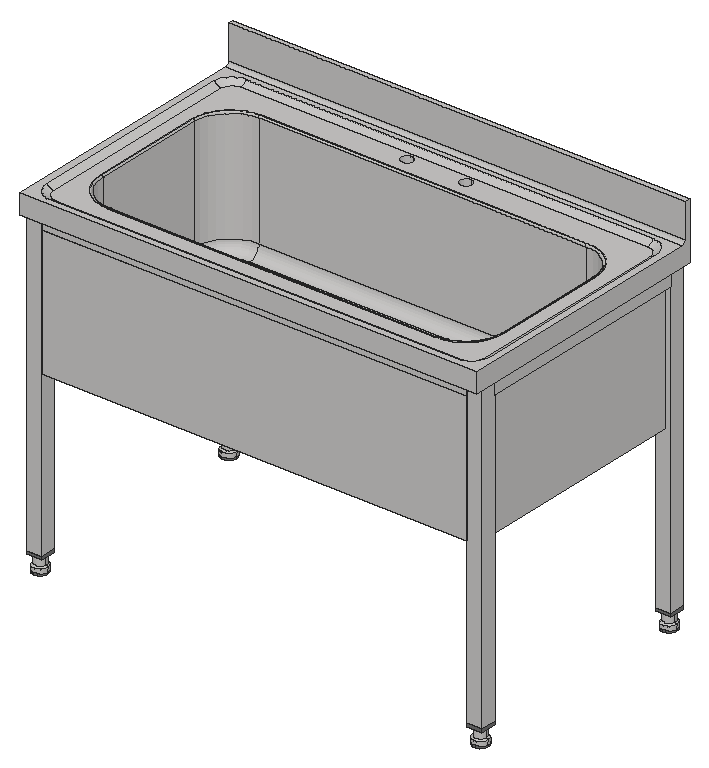
Revit family "QF_ELECTROLUXPROFESSIONAL_134073_GVLP1201SE", category Attrezzature speciali, Revit 2020
Family settings
  Quota connettore circolare = Usa diametro
  Tipo di parte = Normale
  Basato su piano di lavoro = No
  Sempre verticale = Sì
  Taglio con vuoti quando caricato = No
  Condiviso = No
  Punto di calcolo locali = No
Parameters (values of type "Standard")
  Weight = 29.00 kg
  Watts = 0 W
  Volts = 0 V
  URL Manufacturer = "https://www.electroluxprofessional.com/"
  URL = "https://www.electroluxprofessional.com/"
  Steam Supply Size = 0 mm
  Steam Supply Minimum Pressure = 0.0 Pa
  Steam Supply Maximum Pressure = 0.0 Pa
  Steam Consumption per Hour = 0
  Refrigeration Suction Line Size = 0.0 mm
  Refrigeration Liquid Line Size = 0.0 mm
  Refrigerant Compressor Remote = yes
  Prospetto di default = 0.0 mm
  Phase = 0
  Modello = "GVLP1201SE"
  Produttore = "Electrolux Professional"
  Length Actual = 1200.0 mm  # constant formula
  Item Number = "134073"
  Hot Water Size = 0 mm
  Height Actual = 1000.0 mm  # constant formula
  HP = "0 HP"
  Gas Size = 0 mm
  Gas KW = 0
  Gas Input Pressure = 0 W
  Direct Waste Size = 0 mm
  Descrizione = "SOAKING SINK UNIT 1 BOWL 1200 MM"
  Depth Actual = 700.0 mm  # constant formula
  Cycle = 0 Hz
  Condensate Return Size = 0 mm
  Compressed Air Volume = 0.0 L/s
  Compressed Air Size = 0 mm
  Compressed Air Pressure = 0.0 Pa
  Cold Water Size = 0 mm
  Accessory = yes
Reference planes
  plane 1 "Center (Front/Back)": y = 0
  plane 2: z = 0
  plane 3 "Center (Left/Right)": x = 200
  plane 4 "LEFT": x = -400
  plane 5 "RIGHT": x = 800
  plane 6 "BACK": y = 350
  plane 7 "FRONT": y = -350
  plane 8 "Base": z = 850
  plane 9 "TOP": z = 900
  plane 10 "Sink_Base": z = 558
  plane 11: z = 441
  plane 12 "PlaneGrid": z = 890
  plane 13: y = 127
  plane 14: y = 270
  plane 15: x = 122.5
  plane 16: x = 277.5
  plane 17: x = 650
Forms (mm)
  Extrusion 1, solid, material "QF_Finishes_Stainless Steel"
    sketch origin (200, 0, 0) x (0, 1, 0) y (0, 0, 1)
      loop
        line (-350, 850) -> (350, 850) -> (350, 1000) -> (337, 1000) -> (337, 910)
        arc (337, 910) -> (334.071, 902.929) -> (327, 900) r 10
        line (327, 900) -> (-350, 900) -> (-350, 850)
    from 600 to -600
  Extrusion 2, void
    sketch origin (50, -5.4, 558) x (0, -1, 0) y (1, 0, 0)
      loop
        circle (-132.4, 600) r 28
    from 32.343 to -63.145
  Revolve 3, solid, material "QF_Finishes_White"
    sketch origin (650, -5.4, 0) x (0, -1, 0) y (0, 0, 1)
      loop
        line (-148.9, 542.617) -> (-148.9, 528.5) -> (-147.4, 528.5) -> (-147.4, 543.449) -> (-158.958, 550.671) -> (-158.958, 558) -> (-160.458, 558) -> (-160.458, 549.84) -> (-148.9, 542.617)
      axis (-132.4, 558) -> (-132.4, 528.5)
    angle from 0 to 360
  Extrusion 4, void
    sketch origin (-6.5, 18.8, 558) x (0, -1, 0) y (1, 0, 0)
      loop
        circle (-251.2, 129) r 16
      loop
        circle (-251.2, 284) r 16
    from 342 to 275.381
  Extrusion 5, void
    sketch origin (-5, 0, 900) x (0, 1, 0) y (-1, 0, 0)
      loop
        arc (227.4, 225) -> (198.111, 295.711) -> (127.4, 325) r 100
        line (127.4, 325) -> (-173, 325)
        arc (-173, 325) -> (-243.711, 295.711) -> (-273, 225) r 100
        line (-273, 225) -> (-273, -635)
        arc (-273, -635) -> (-243.711, -705.711) -> (-173, -735) r 100
        line (-173, -735) -> (127.4, -735)
        arc (127.4, -735) -> (198.111, -705.711) -> (227.4, -635) r 100
        line (227.4, -635) -> (227.4, 225)
    from 0 to -50
  Extrusion 6, solid, material "QF_Finishes_Stainless Steel"
    sketch origin (-5, 0, 558) x (0, -1, 0) y (1, 0, 0)
      loop
        arc (-192.4, -225) -> (-173.362, -270.962) -> (-127.4, -290) r 65
        line (-127.4, -290) -> (173, -290)
        arc (173, -290) -> (218.962, -270.962) -> (238, -225) r 65
        line (238, -225) -> (238, 635)
        arc (238, 635) -> (218.962, 680.962) -> (173, 700) r 65
        line (173, 700) -> (-127.4, 700)
        arc (-127.4, 700) -> (-173.362, 680.962) -> (-192.4, 635) r 65
        line (-192.4, 635) -> (-192.4, -225)
    from 0 to 1.5
  Sweep 7, solid, material "QF_Finishes_Stainless Steel"
    path origin (-4.99, 0, 900) x (0, 1, 0) y (-1, 0, 0)
      loop
        line (227.4, -634.99) -> (227.4, 225.01)
        arc (227.4, 225.01) -> (198.111, 295.721) -> (127.4, 325.01) r 100
        line (127.4, 325.01) -> (-173, 325.01)
        arc (-173, 325.01) -> (-243.711, 295.721) -> (-273, 225.01) r 100
        line (-273, 225.01) -> (-273, -634.99)
        arc (-273, -634.99) -> (-243.711, -705.701) -> (-173, -734.99) r 100
        line (-173, -734.99) -> (127.4, -734.99)
        arc (127.4, -734.99) -> (198.111, -705.701) -> (227.4, -634.99) r 100
    profile origin (200, 227.4, 900) x (0, -1, 0) y (0, 0, 1)
      loop
        arc (5, -15) -> (3.536, -11.464) -> (0, -10) r 5
        line (0, -10) -> (0, -11.5)
        arc (0, -11.5) -> (2.475, -12.525) -> (3.5, -15) r 3.5
        line (3.5, -15) -> (3.5, -310.5)
        arc (3.5, -310.5) -> (12.726, -332.774) -> (35, -342) r 31.5
        line (35, -342) -> (35, -340.5)
        arc (35, -340.5) -> (13.787, -331.713) -> (5, -310.5) r 30
        line (5, -310.5) -> (5, -15)
  Blend 8, void
    base sketch origin (-4.99, 0, 900) x (0, 1, 0) y (-1, 0, 0)
      loop
        arc (312.974, 329.865) -> (298.986, 363.636) -> (265.215, 377.624) r 47.76
        line (265.215, 377.624) -> (-284.987, 377.624)
        arc (-284.987, 377.624) -> (-319.177, 363.462) -> (-333.339, 329.272) r 48.352
        line (-333.339, 329.272) -> (-333.339, -739.252)
        arc (-333.339, -739.252) -> (-319.177, -773.442) -> (-284.987, -787.604) r 48.352
        line (-284.987, -787.604) -> (265.215, -787.604)
        arc (265.215, -787.604) -> (298.986, -773.616) -> (312.974, -739.845) r 47.76
        line (312.974, -739.845) -> (312.974, 329.865)
    top sketch origin (-4.99, 0, 900) x (0, 1, 0) y (-1, 0, 0)
      loop
        arc (294.321, 330.31) -> (285.645, 351.255) -> (264.7, 359.931) r 29.621
        line (264.7, 359.931) -> (-285.3, 359.931)
        arc (-285.3, 359.931) -> (-306.245, 351.255) -> (-314.921, 330.31) r 29.621
        line (-314.921, 330.31) -> (-314.921, -740.29)
        arc (-314.921, -740.29) -> (-306.245, -761.235) -> (-285.3, -769.911) r 29.621
        line (-285.3, -769.911) -> (264.7, -769.911)
        arc (264.7, -769.911) -> (285.645, -761.235) -> (294.321, -740.29) r 29.621
        line (294.321, -740.29) -> (294.321, 330.31)
    from 0 to -10
Cuts and joins
  Extrusion 4, Extrusion 5, Blend 8 cuts Extrusion 1
  Extrusion 2 cuts Extrusion 6
  joined: Extrusion 6, Sweep 7
Lines and regions (mm)
  symbolic lines
    curve 1: line (800, 350, 900) -> (-400, 350, 900)
    curve 2: line (-400, 350, 900) -> (-400, -349.6, 900)
    curve 3: line (-400, -349.6, 900) -> (800, -349.6, 900)
    curve 4: line (800, -349.6, 900) -> (800, 350, 900)
    curve 5: line (800, 337.4, 900) -> (-400, 337.4, 900)
    curve 6: arc (-382.614, 265.215, 900) -> (-368.626, 298.986, 900) -> (-334.855, 312.974, 900) r 47.76
    curve 7: arc (-335.3, 294.321, 900) -> (-356.245, 285.645, 900) -> (-364.921, 264.7, 900) r 29.621
    curve 8: line (-334.855, 312.974, 900) -> (734.855, 312.974, 900)
    curve 9: line (735.3, 294.321, 900) -> (-335.3, 294.321, 900)
    curve 10: arc (764.921, 264.7, 900) -> (756.245, 285.645, 900) -> (735.3, 294.321, 900) r 29.621
    curve 11: arc (734.855, 312.974, 900) -> (768.626, 298.986, 900) -> (782.614, 265.215, 900) r 47.76
    curve 12: line (782.614, 265.215, 900) -> (782.614, -284.987, 900)
    curve 13: line (764.921, -285.3, 900) -> (764.921, 264.7, 900)
    curve 14: line (-364.921, 264.7, 900) -> (-364.921, -285.3, 900)
    curve 15: line (-382.614, -284.987, 900) -> (-382.614, 265.215, 900)
    curve 16: arc (-334.262, -333.339, 900) -> (-368.452, -319.177, 900) -> (-382.614, -284.987, 900) r 48.352
    curve 17: arc (-364.921, -285.3, 900) -> (-356.245, -306.245, 900) -> (-335.3, -314.921, 900) r 29.621
    curve 18: line (-335.3, -314.921, 900) -> (735.3, -314.921, 900)
    curve 19: line (734.262, -333.339, 900) -> (-334.262, -333.339, 900)
    curve 20: arc (782.614, -284.987, 900) -> (768.452, -319.177, 900) -> (734.262, -333.339, 900) r 48.352
    curve 21: arc (735.3, -314.921, 900) -> (756.245, -306.245, 900) -> (764.921, -285.3, 900) r 29.621
    curve 22: arc (-230, 227.4, 900) -> (-300.711, 198.111, 900) -> (-330, 127.4, 900) r 100
    curve 23: line (630, 227.4, 900) -> (-230, 227.4, 900)
    curve 24: line (-330, 127.4, 900) -> (-330, -173, 900)
    curve 25: arc (-330, -173, 900) -> (-300.711, -243.711, 900) -> (-230, -273, 900) r 100
    curve 26: line (-230, -273, 900) -> (630, -273, 900)
    curve 27: arc (630, -273, 900) -> (700.711, -243.711, 900) -> (730, -173, 900) r 100
    curve 28: line (730, -173, 900) -> (730, 127.4, 900)
    curve 29: arc (730, 127.4, 900) -> (700.711, 198.111, 900) -> (630, 227.4, 900) r 100
    curve 30: circle (122.5, 270, 900) r 16 normal (0, 0, 1)
    curve 31: circle (277.5, 270, 900) r 16 normal (0, 0, 1)
Dimensions and locks
  plane 4 "LEFT" to plane 5 "RIGHT" = 1200.0 mm
  equal spacing: plane 4 "LEFT", plane 3 "Center (Left/Right)", plane 5 "RIGHT"
  locked: plane 8 "Base" to level at 850
  locked: Extrusion 1 to level at 1000
  plane 9 "TOP" to level = 900.0 mm
  plane 6 "BACK" to plane 7 "FRONT" = 700.0 mm
  equal spacing: plane 6 "BACK", plane 1 "Center (Front/Back)", plane 7 "FRONT"
  plane 10 "Sink_Base" to level = 558.0 mm
  plane 11 to level = 441.0 mm
  locked: plane 6 "BACK" to plane 13 at 223
  locked: plane 6 "BACK" to plane 14 at 80
  locked: plane 15 to plane 16 at 155
  locked: plane 17 to plane 5 "RIGHT" at 150
  aligned and locked: level to plane 2
  aligned and locked: Extrusion 1 to plane 4 "LEFT"
  aligned and locked: plane 5 "RIGHT" to Extrusion 1
  aligned and locked: curve 2 to plane 4 "LEFT"
Automatic sketch dimensions
  Extrusion 1 sketch curve to plane 7 "FRONT" = 0.0 mm
  Extrusion 1 sketch curve to plane 9 "TOP" = 0.0 mm
  Extrusion 1 sketch curve to plane 6 "BACK" = 0.0 mm
  Extrusion 1 sketch curve to plane 8 "Base" = 0.0 mm
  plane 9 "TOP" to Extrusion 1 sketch curve = 10.0 mm
  Extrusion 1 sketch curve to plane 6 "BACK" = 23.0 mm
  Extrusion 1 sketch curve to Extrusion 1 sketch curve = 90.0 mm
  plane 10 "Sink_Base" to Revolve 3 sketch curve = 0.0 mm
  Revolve 3 sketch curve to Revolve 3 sketch curve = 1.5 mm  (x2)
  plane 10 "Sink_Base" to Revolve 3 sketch curve = 7.329 mm
  Revolve 3 sketch curve to Revolve 3 sketch curve = 10.058 mm
  Revolve 3 sketch curve to Revolve 3 sketch curve = 0.831 mm  (x2)
  Revolve 3 sketch curve to Revolve 3 sketch curve = 7.222 mm
  Revolve 3 sketch curve to Revolve 3 sketch curve = 14.117 mm
  Revolve 3 sketch curve to Revolve 3 sketch curve = 24.0 mm
  Revolve 3 sketch curve to plane 10 "Sink_Base" = 26.5 mm
  curve 3 to plane 5 "RIGHT" = 0.0 mm
  curve 2 to plane 6 "BACK" = 0.0 mm
  plane 7 "FRONT" to Blend 8 sketch curve = 64.7 mm
  Blend 8 sketch curve to Blend 8 sketch curve = 29.621 mm  (x3)
  Blend 8 sketch curve to plane 5 "RIGHT" = 64.7 mm
  plane 4 "LEFT" to Blend 8 sketch curve = 64.7 mm
  plane 7 "FRONT" to Blend 8 sketch curve = 16.661 mm
  plane 4 "LEFT" to Blend 8 sketch curve = 17.386 mm
  plane 7 "FRONT" to Blend 8 sketch curve = 65.013 mm  (x2)
  Blend 8 sketch curve to plane 5 "RIGHT" = 17.386 mm
  Blend 8 sketch curve to Blend 8 sketch curve = 47.76 mm
  Sweep 7 sketch curve to Sweep 7 sketch curve = 0.0 mm  (x4)
  Sweep 7 sketch curve to profile plane = 0.0 mm
  Sweep 7 sketch curve to profile plane = 3.5 mm
  Sweep 7 sketch curve to Sweep 7 sketch curve = 1.5 mm
  Sweep 7 sketch curve to Sweep 7 sketch curve = 30.0 mm
  Sweep 7 sketch curve to profile plane = 342.0 mm
  Sweep 7 sketch curve to profile plane = 15.0 mm
  plane 7 "FRONT" to Sweep 7 sketch curve = 77.0 mm
  Sweep 7 sketch curve to Sweep 7 sketch curve = 100.0 mm  (x3)
  plane 4 "LEFT" to Sweep 7 sketch curve = 170.0 mm
  Extrusion 6 sketch curve to Extrusion 6 sketch curve = 65.0 mm  (x2)
  plane 4 "LEFT" to Extrusion 6 sketch curve = 170.0 mm
  plane 1 "Center (Front/Back)" to Extrusion 6 sketch curve = 173.0 mm  (x2)
  Extrusion 2 sketch curve to plane 5 "RIGHT" = 150.0 mm
  Extrusion 6 sketch curve to plane 5 "RIGHT" = 170.0 mm
  Sweep 7 sketch curve to plane 5 "RIGHT" = 170.0 mm
  Blend 8 sketch curve to plane 6 "BACK" = 84.785 mm  (x2)
  Blend 8 sketch curve to plane 6 "BACK" = 85.3 mm  (x2)
  Extrusion 2 sketch curve to plane 13 = 0.0 mm
  Revolve 3 sketch curve to plane 13 = 28.058 mm
  Revolve 3 sketch curve to plane 13 = 0.0 mm
  Extrusion 6 sketch curve to plane 13 = 0.4 mm  (x2)
  Sweep 7 sketch curve to plane 13 = 0.4 mm  (x2)
  Extrusion 4 sketch curve to plane 14 = 0.0 mm  (x2)
  Extrusion 4 sketch curve to plane 15 = 0.0 mm
  Extrusion 4 sketch curve to plane 16 = 0.0 mm
  plane 7 "FRONT" to curve 3 = 0.4 mm
  curve 5 to plane 6 "BACK" = 12.6 mm
  curve 7 to plane 14 = 5.3 mm
  curve 7 to curve 6 = 0.515 mm
  curve 8 to plane 6 "BACK" = 37.026 mm
  plane 4 "LEFT" to curve 8 = 65.145 mm
  curve 6 to curve 7 = 0.445 mm
  curve 7 to curve 6 = 18.653 mm
  curve 8 to plane 5 "RIGHT" = 65.145 mm
  curve 9 to curve 8 = 0.445 mm
  curve 10 to plane 14 = 5.3 mm
  curve 10 to curve 11 = 0.515 mm
  curve 13 to curve 12 = 0.313 mm
  plane 7 "FRONT" to curve 14 = 64.7 mm
  curve 14 to curve 15 = 0.313 mm
  curve 16 to curve 14 = 30.659 mm
  curve 16 to curve 17 = 1.038 mm
  curve 13 to curve 18 = 29.621 mm
  curve 22 to plane 13 = 0.4 mm
  curve 23 to plane 14 = 42.6 mm
  curve 22 to curve 6 = 104.855 mm
  curve 16 to curve 24 = 111.987 mm
  curve 25 to curve 24 = 100.0 mm
  curve 28 to plane 13 = 0.4 mm
  Extrusion 5 sketch curve to plane 13 = 0.4 mm  (x2)
  Extrusion 5 sketch curve to plane 14 = 42.6 mm
  Extrusion 5 sketch curve to Extrusion 5 sketch curve = 100.0 mm
  plane 1 "Center (Front/Back)" to Extrusion 5 sketch curve = 173.0 mm
  plane 4 "LEFT" to Extrusion 5 sketch curve = 170.0 mm
  curve 26 to curve 27 = 100.0 mm
  curve 28 to plane 5 "RIGHT" = 70.0 mm
  plane 7 "FRONT" to Extrusion 5 sketch curve = 77.0 mm
  Extrusion 5 sketch curve to plane 5 "RIGHT" = 170.0 mm
  radius of Extrusion 2 sketch curve = 28.0 mm
  radius of Extrusion 4 sketch curve = 16.0 mm  (x2)
Nested families
  nested 1: "TAV_W1200B_CASSH" at (50, 0, 0), type "TAV_W1200B_CASSH"
Connectors
  piping at (650, 127, 528.5), diameter 30
    settings: on Revolve 3, index 1, connector inside diameter 609.6 mm, connector length 0.0 mm, flow factor 0, pipe flow 0.0 L/s, pressure drop 0.0 Pa, fitting loss kfactor 0, connector angle 0.00°, fixture units 0, engagement length 0.0 mm, angle of deflection 0.00°, flow configuration 1, flow direction 2, fitting loss method 0, system type 16, joint type 0, gender type 0, connector reference index -1, connector utility 0, adjustable connector no, is connector primary yes, connector description "Drain 2"
Definition of nested family "TAV_W1200B_CASSH"
  Parameters
    Default Elevation = 0.0 mm
    Model = "TAV_W1200B_CASSH"
    Manufacturer = "Electrolux Professional"
    Description = ""
  Reference planes
    plane 1 "Center (Front/Back)": y = 0
    plane 2: z = 0
    plane 3 "Center (Left/Right)": x = 150
    plane 4 "LEFT": x = -450
    plane 5 "RIGHT": x = 750
    plane 6 "BACK": y = 350
    plane 7 "FRONT": y = -350
    plane 8 "Base": z = 850
    plane 9 "TOP": z = 900
    plane 10: x = -429
    plane 11: x = 729
    plane 12: y = 310
    plane 13: y = -310
    plane 14 "RIPIANO": z = 200
  Forms (mm)
    Extrusion 1, solid
      sketch origin (0, 0.5, 850) x (0, 1, 0) y (-1, 0, 0)
        loop
          line (289.5, 434.5) -> (-290.5, 434.5) -> (-290.5, 433) -> (289.5, 433) -> (289.5, 434.5)
        loop
          line (-290.5, -734.5) -> (289.5, -734.5) -> (289.5, -733) -> (-290.5, -733) -> (-290.5, -734.5)
        loop
          line (-330.5, 409) -> (-330.5, -709) -> (-329, -709) -> (-329, 409) -> (-330.5, 409)
      from -30 to -370
    Extrusion 2, solid
      sketch origin (-4.534, 0, 850) x (0, 1, 0) y (-1, 0, 0)
        loop
          line (-330, 404.466) -> (-330, -713.534) -> (-290.006, -713.534) -> (-290.006, 404.466) -> (-330, 404.466)
        loop
          line (330, 404.466) -> (290, 404.466) -> (290, -713.534) -> (330, -713.534) -> (330, 404.466)
      from 0 to -30
    Extrusion 3, solid
      sketch origin (-4.534, 0, 850) x (0, 1, 0) y (-1, 0, 0)
        loop
          line (-290.006, 444.466) -> (-290.006, 404.466) -> (290, 404.466) -> (290, 444.466) -> (-290.006, 444.466)
        loop
          line (-290.006, -753.534) -> (290, -753.534) -> (290, -713.534) -> (-290.006, -713.534) -> (-290.006, -753.534)
      from 0 to -30
  Lines and regions (mm)
    symbolic lines, detail levels coarse
      curve 1: line (-450, 350, 200) -> (750, 350, 200)
      curve 2: line (-450, -350, 200) -> (-450, 350, 200)
      curve 3: line (750, -350, 200) -> (-450, -350, 200)
      curve 4: line (750, 350, 200) -> (750, -350, 200)
  Dimensions and locks
    plane 4 "LEFT" to plane 5 "RIGHT" = 1200.0 mm
    equal spacing: plane 4 "LEFT", plane 3 "Center (Left/Right)", plane 5 "RIGHT"
    locked: plane 8 "Base" to level at 850
    plane 4 "LEFT" to plane 10 = 21.0 mm
    plane 11 to plane 5 "RIGHT" = 21.0 mm
    plane 9 "TOP" to level = 900.0 mm
    plane 6 "BACK" to plane 12 = 40.0 mm
    plane 13 to plane 7 "FRONT" = 40.0 mm
    plane 6 "BACK" to plane 7 "FRONT" = 700.0 mm
    plane 12 to plane 13 = 620.0 mm
    equal spacing: plane 6 "BACK", plane 1 "Center (Front/Back)", plane 7 "FRONT"
    plane 14 "RIPIANO" to level = 200.0 mm
    plane 2 to plane 14 "RIPIANO" to plane 8 "Base" = 200.0 mm, 650.0 mm
    aligned and locked: level to plane 2
    aligned and locked: plane 10 to nested 1
    aligned and locked: nested 1 to plane 13
    aligned and locked: plane 11 to nested 2
    aligned and locked: nested 2 to plane 13
    aligned and locked: plane 11 to nested 4
    aligned and locked: nested 4 to plane 12
    aligned and locked: plane 10 to nested 3
    aligned and locked: nested 3 to plane 12
    aligned and locked: Extrusion 1 to Extrusion 2
    aligned and locked: Extrusion 1 sketch curve to Extrusion 2
    aligned and locked: Extrusion 2 to Extrusion 1 sketch curve
    aligned and locked: Extrusion 1 sketch curve to Extrusion 3
  Automatic sketch dimensions
    plane 7 "FRONT" to Extrusion 1 sketch curve = 20.0 mm
    Extrusion 1 sketch curve to Extrusion 1 sketch curve = 1.5 mm  (x3)
    plane 13 to Extrusion 1 sketch curve = 20.0 mm  (x2)
    Extrusion 1 sketch curve to plane 12 = 20.0 mm
    Extrusion 1 sketch curve to plane 5 "RIGHT" = 17.0 mm
    plane 4 "LEFT" to Extrusion 1 sketch curve = 17.0 mm
    plane 7 "FRONT" to Extrusion 2 sketch curve = 20.0 mm
    plane 13 to Extrusion 2 sketch curve = 19.994 mm
    Extrusion 2 sketch curve to plane 12 = 20.0 mm
    plane 12 to Extrusion 2 sketch curve = 20.0 mm
    curve 3 to plane 4 "LEFT" = 0.0 mm
    curve 3 to plane 7 "FRONT" = 0.0 mm
    curve 2 to plane 6 "BACK" = 0.0 mm
    curve 1 to plane 5 "RIGHT" = 0.0 mm
    plane 13 to Extrusion 3 sketch curve = 19.994 mm  (x2)
    Extrusion 3 sketch curve to plane 12 = 20.0 mm  (x2)
    Extrusion 3 sketch curve to plane 5 "RIGHT" = 1.0 mm
    plane 4 "LEFT" to Extrusion 3 sketch curve = 1.0 mm
    plane 10 to Extrusion 2 sketch curve = 20.0 mm  (x2)
    plane 10 to Extrusion 3 sketch curve = 20.0 mm
    Extrusion 2 sketch curve to plane 11 = 20.0 mm  (x2)
    Extrusion 3 sketch curve to plane 11 = 20.0 mm
  Nested families
    nested 1: "FEET_40x40B_TAV" at (-429, -310, 0), type "FEET_40x40B_TAV"
    nested 2: "FEET_40x40B_TAV" at (729, -310, 0), type "FEET_40x40B_TAV"
    nested 3: "FEET_40x40B_TAV" at (-429, 310, 0), type "FEET_40x40B_TAV"
    nested 4: "FEET_40x40B_TAV" at (729, 310, 0), type "FEET_40x40B_TAV"
  Definition of nested family "FEET_40x40B_TAV"
    Parameters
      Default Elevation = 0.0 mm
      FEET = 850.0 mm
    Reference planes
      plane 1 "Center (Front/Back)": y = 0
      plane 2: z = 0
      plane 3 "Center (Left/Right)": x = 0
      plane 4: z = 850
    Forms (mm)
      Extrusion 1, solid
        sketch origin (0, 0, 0) x (1, 0, 0) y (0, 1, 0)
          loop
            line (-20, -20) -> (20, -20) -> (20, 20) -> (-20, 20) -> (-20, -20)
        from 50 to 850
      Extrusion 2, solid
        sketch origin (0, 0, 0) x (1, 0, 0) y (0, 1, 0)
          loop
            circle (0, 0) r 20
        from 0 to 5
      Extrusion 3, solid
        sketch origin (0, 0, 0) x (1, 0, 0) y (0, 1, 0)
          loop
            line (-20, -20) -> (20, -20) -> (20, 20) -> (-20, 20) -> (-20, -20)
        from 50 to 42
      Revolve 4, solid
        sketch origin (0, 0, 0) x (1, 0, 0) y (0, 0, 1)
          loop
            line (0, 42) -> (-15, 42) -> (-15, 20) -> (-20, 15) -> (-20, 5) -> (0, 5) -> (0, 42)
          axis (0, 42) -> (0, 5)
        angle from 0 to 360
    Lines and regions (mm)
      symbolic lines
        curve 1: line (0, -1.503, 0) -> (0, 1.508, 0)
        curve 2: line (1.561, 0, 0) -> (-1.439, 0, 0)
    Dimensions and locks
      "FEET": plane 4 to plane 2
      aligned and locked: level to plane 2
    Automatic sketch dimensions
      plane 1 "Center (Front/Back)" to curve 2 = 0.0 mm
      curve 1 to plane 3 "Center (Left/Right)" = 0.0 mm
      curve 2 to plane 3 "Center (Left/Right)" = 1.439 mm
      plane 3 "Center (Left/Right)" to curve 2 = 1.561 mm
      plane 1 "Center (Front/Back)" to curve 1 = 1.503 mm
      curve 1 to plane 1 "Center (Front/Back)" = 1.508 mm
      Extrusion 1 sketch curve to plane 3 "Center (Left/Right)" = 20.0 mm
      plane 3 "Center (Left/Right)" to Extrusion 1 sketch curve = 20.0 mm
      plane 1 "Center (Front/Back)" to Extrusion 1 sketch curve = 20.0 mm
      Extrusion 1 sketch curve to plane 1 "Center (Front/Back)" = 20.0 mm
      plane 1 "Center (Front/Back)" to Extrusion 2 sketch curve = 0.0 mm
      Extrusion 2 sketch curve to plane 3 "Center (Left/Right)" = 0.0 mm
      Extrusion 3 sketch curve to plane 3 "Center (Left/Right)" = 20.0 mm
      plane 3 "Center (Left/Right)" to Extrusion 3 sketch curve = 20.0 mm
      plane 1 "Center (Front/Back)" to Extrusion 3 sketch curve = 20.0 mm
      Extrusion 3 sketch curve to plane 1 "Center (Front/Back)" = 20.0 mm
      Revolve 4 sketch curve to plane 3 "Center (Left/Right)" = 0.0 mm  (x2)
      Revolve 4 sketch curve to plane 3 "Center (Left/Right)" = 15.0 mm
      Revolve 4 sketch curve to Revolve 4 sketch curve = 5.0 mm  (x3)
      level to Revolve 4 sketch curve = 5.0 mm
      Revolve 4 sketch curve to Revolve 4 sketch curve = 10.0 mm
      Revolve 4 sketch curve to Revolve 4 sketch curve = 22.0 mm
      Revolve 4 sketch curve to level = 9.561 mm
      radius of Extrusion 2 sketch curve = 20.0 mm
